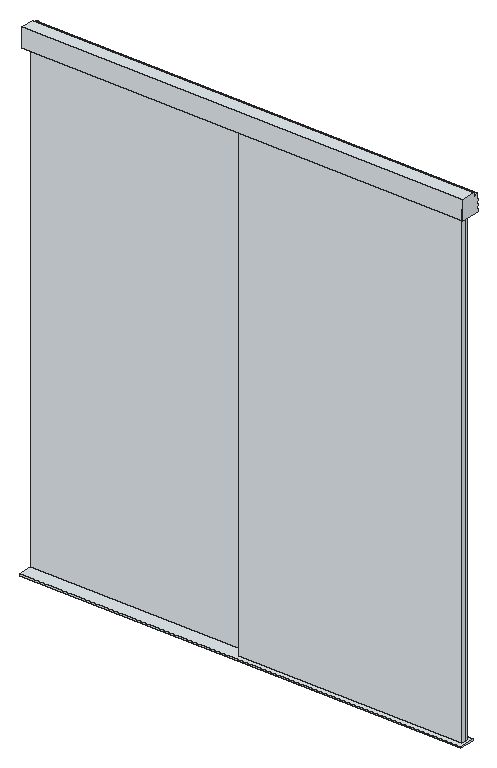
Revit family "Door_Sliding_Dunbarton_2-Panel-Marker", category Doors, host Wall, Revit 2026
Family settings
  Host = Wall
  Classification Number = 23.30.10.17.17
  Always vertical = Yes
  Cut with Voids When Loaded = No
  Shared = No
  Room Calculation Point = No
Parameters (values of type "72 W x 80 H")
  panelwidth [instance] = if(1 = 1, Unit Width / 2 + 0' 0 5/8", 0' 0")  # 3' - 0 3/8"
  panel2b [instance] = 1 = 1  # yes
  panel2a [instance] = 1 = 0  # no
  panel1b [instance] = 1 = 0  # no
  panel1a [instance] = 1 = 1  # yes
  Water Penetration = "as Specified"
  Warranty Duration (Years) = 0
  Unit Width = 5' - 11 1/2"
  Unit Height [instance] = Opening Height - (0' 1 1/8" + 0' 0 3/4")  # 6' - 6 1/8"
  URL = "https://dunbarton.com/"
  Track C = yes
  Track B = no
  Track A = no
  Thickness = 0' - 0"  # constant formula
  Structural Test Pressure = "as Specified"
  Specification = "http://www.arcat.com/sd/clients95/redifram.html?coid=32085"
  Send Message = ""
  Sales Information = "https://dunbarton.com/distributors"
  RO Spacing Sides = 0' - 0"  # constant formula
  Rough Width = 0' - 0"  # constant formula
  Rough Height = 0' - 0"  # constant formula
  RO Spacing Top = 0' - 0"  # constant formula
  R-Value = 0
  Product Properties = "https://dunbarton.com/sample-page"
  Product Data = "http://www.arcat.com/arcatcos/cos9532/arc32085.html"
  Opening Width [instance] = 6' - 0"
  Opening Height = 6' - 8"
  Offset from Wall CL Notes [instance] = "Use Positive or Negative values to determine location."  # constant formula
  Offset from Wall CL [instance] = 0' - 0"
  Model = "Model Marker"
  Mirror Material [instance] = Porcelain - White
  Manufacturer Website = "https://dunbarton.com/"
  Manufacturer Phone - Toll Free = "800-633-7553"
  Manufacturer Phone = "334-794-0661"
  Manufacturer Fax = "334-793-7022"
  Manufacturer Address = "1101 Technology Dr.; Dothan;  AL 36303"
  Manufacturer = "Dunbarton Corporation"
  Maintenance Schedule (Months) = 0
  Keynote = "08 11 10"
  Installation-Fabrication = "https://dunbarton.com/resources/installation-videos"
  Installation Phase = ""
  Impact Resistance = "as Specified"
  Height [instance] = Unit Height  # 6' - 6 1/8"
  Green Building-LEED = "http://www.arcat.com/green/clients95/leed_data_32085.html"
  Function = Interior
  Frame Thickness = 0' - 0 5/8"
  Frame Finish [instance] = Metal - Steel - Dunbarton - Bright White Enamel
  Fold Width [instance] = 3' - 1 1/4"
  Fire Rating = "as Specified"
  Expected Lifespan (Years) = 0
  Drawn By = "Sumex Design, Inc. / Robert S. Weygant, CSI, CDT, SCIP"
  Door Thickness = 0' - 1 1/4"
  Door Panel Type = "as Specified"
  Door Finish [instance] = Metal - Steel - Dunbarton - Bright White Enamel
  Description = "Dunbarton Sliding Marker Door - Model Marker as Specified"
  Wall Closure = By host
  Width = Unit Width  # 5' - 11 1/2"
  Copyright = "©Arcat Inc."
  Construction Details = ""
  Assembly Code = "C1020100"
  Air Infiltration = "as Specified"
Types (3): name | panelwidth | Unit Width | Opening Width | Width
  72 W x 80 H | 3' - 0 3/8" | 5' - 11 1/2" | 6' - 0" | 5' - 11 1/2"
  60 W x 80 H | 2' - 6 3/8" | 4' - 11 1/2" | 5' - 0" | 4' - 11 1/2"
  48 W x 80 H | 2' - 0 3/8" | 3' - 11 1/2" | 4' - 0" | 3' - 11 1/2"
Reference planes (in)
  plane 1 "Center (Front/Back)": y = 1.6426
  plane 2: z = 0
  plane 3 "Center (Left/Right)": x = 2
  plane 4 "Left": x = -34
  plane 5 "Right": x = 38
  plane 6 "Bottom": z = 0
  plane 7 "Top": z = 80
  plane 8 "Center - Elevation": z = 40
  plane 9: y = -1.3574
  plane 10: y = 4.6426
  plane 11: x = -33.75
  plane 12: x = 37.75
Forms (in)
  Extrusion 1, void
    sketch origin (0, 1.6426, 0) x (1, 0, 0) y (0, 0, 1)
      loop
        line (5, 0) -> (5, 2) -> (-1, 2) -> (-1, 0) -> (5, 0)
    from 0 <- "Offset from Wall CL" to 12.01562
Lines and regions (in)
  Opening 1
    outline origin (-60, -1.3574, 0) x (1, 0, 0) y (0, 0, 1)
      loop
        line (26, 80) -> (26, 0) -> (98, 0) -> (98, 80) -> (26, 80)
Text (in)
  text "EXTERIOR" at (-58.6888, 13.80127, 0), in view "Plan View"
  text "INTERIOR" at (-58.6888, -8.43329, 0), in view "Plan View"
  text "Exterior" at (0, 43.65631, 123.19604), in view "Left"
  text "Exterior" at (0, 18.29385, 125.04747), in view "Right"
Dimensions and locks (in)
  equal spacing: plane 4 "Left", plane 3 "Center (Left/Right)", plane 5 "Right"
  equal spacing: plane 7 "Top", plane 8 "Center - Elevation", plane 6 "Bottom"
  "Opening Width": plane 4 "Left" to plane 5 "Right"
  "Opening Height": plane 7 "Top" to level
  equal spacing: plane 11, plane 3 "Center (Left/Right)", plane 12
  "Unit Width": plane 11 to plane 12
  locked: Extrusion 1 to nested 1 at 1.4375
  locked: Extrusion 1 to nested 2 at 2.9375
  aligned and locked: plane 7 "Top" to Opening 1 sketch curve
  aligned and locked: plane 5 "Right" to Opening 1 sketch curve
  aligned and locked: plane 4 "Left" to Opening 1 sketch curve
  aligned and locked: level to plane 2
  aligned and locked: Opening 1 sketch curve to plane 2
  aligned and locked: plane 6 "Bottom" to plane 2
  aligned and locked: plane 1 "Center (Front/Back)" to host wall
  aligned and locked: plane 9 to host wall
  aligned and locked: plane 10 to host wall
  aligned and locked: plane 11 to nested 1
  aligned: nested 3 to Extrusion 1
  aligned: plane 3 "Center (Left/Right)" to nested 3
  aligned and locked: nested 3 to Extrusion 1
  aligned and locked: plane 12 to nested 2
Automatic sketch dimensions
  plane 3 "Center (Left/Right)" to Extrusion 1 sketch curve = 0' - 3"
  Extrusion 1 sketch curve to level = 0' - 0"
  Extrusion 1 sketch curve to plane 3 "Center (Left/Right)" = 0' - 3"
  level to Extrusion 1 sketch curve = 0' - 2"
Nested families (in)
  nested 1: "Door_Panel_Dunbarton_Marker" at (-33.75, 1.2051, 0), Door Finish <- "Door Finish", Unit Width <- "panelwidth", Unit Height <- "Opening Height", Mirror Material <- "Mirror Material", type "Door_Panel_Dunbarton_Marker"
    with Unit Width 3' - 0 3/8", Unit Height 6' - 8", Top Gap 0' - 1 1/4", Slide B no, Slide A yes, Rotate 0.00°, Mirror Material Porcelain - White, Hinge B no, Hinge A no, Frameless no, Framed yes, Door Finish Metal - Steel - Dunbarton - Bright White Enamel, Bottom Gap 0' - 0 1/2"
  nested 2: "Door_Panel_Dunbarton_Marker" at (37.75, -0.2949, 0) x (-1, 0, 0) z (0, 0, 1), Door Finish <- "Door Finish", Unit Width <- "panelwidth", Unit Height <- "Opening Height", Mirror Material <- "Mirror Material", type "Door_Panel_Dunbarton_Marker"
    with Unit Width 3' - 0 3/8", Unit Height 6' - 8", Top Gap 0' - 1 1/4", Slide B no, Slide A yes, Rotate 0.00°, Mirror Material Porcelain - White, Hinge B no, Hinge A no, Frameless no, Framed yes, Door Finish Metal - Steel - Dunbarton - Bright White Enamel, Bottom Gap 0' - 0 1/2"
  nested 3: "Track" at (2, 1.6426, 0) x (-1, 0, 0) z (0, 0, 1), finish <- "Frame Finish", Width <- "Opening Width", Height <- "Opening Height", Track A <- "Track A", Track B <- "Track B", Track C <- "Track C", type "Track"
    with finish Metal - Steel - Dunbarton - Bright White Enamel, Width 6' - 0", Track C yes, Track B no, Track A no, Height 6' - 8"
Definition of nested family "Door_Panel_Dunbarton_Marker"
  Parameters
    Warranty Duration (Years) = 0
    Unit Width [instance] = 1' - 6"
    Unit Height [instance] = 6' - 8"
    Unit Depth = 0' - 1"
    URL = ""
    Top Gap [instance] = 0' - 0 1/4"
    Specification = ""
    SpecWizard = ""
    Slide B [instance] = yes
    Slide A [instance] = yes
    Send Message = ""
    Sales Information = ""
    Rotate [instance] = 0.00°
    Revision = "R1_2016-05"
    Product Properties = "http://dunbarton.com/sample-page/slimfold"
    Product Data = ""
    Model = "As Specified"
    Mirror Material [instance] = none
    Manufacturer Website = ""
    Manufacturer Phone - Toll Free = ""
    Manufacturer Phone = ""
    Manufacturer Fax = ""
    Manufacturer Address = ""
    Manufacturer = "Dunbarton"
    Maintenance Schedule (Months) = 0
    Keynote = ""
    Installation-Fabrication = ""
    Installation Phase = ""
    Hinge B [instance] = yes
    Hinge A [instance] = yes
    Green Building-LEED = ""
    Frameless [instance] = yes
    Framed [instance] = yes
    Expected Lifespan (Years) = 0
    Drawn By = "Sumex Design, Inc. / Robert S. Weygant, CSI, CDT, SCIP"
    Door Finish [instance] = none
    Description = "Dunbarton Mirror Panel"
    Default Elevation = 0' - 0"  # constant formula
    Copyright = "©Arcat Inc."
    Construction Details = ""
    Bottom Gap [instance] = 0' - 0 1/2"
    Assembly Code = ""
  Reference planes (in)
    plane 1 "Center (Front/Back)": y = 0
    plane 2 "Bottom": z = 0
    plane 3 "Center (Left/Right)": x = 0
    plane 4 "Top": z = 80
    plane 5: z = 0.5
    plane 6: z = 79.75
    plane 7: z = 40.125
    plane 8: x = 9
  Forms (in)
    Extrusion 1, solid, material <- "Door Finish"
      sketch origin (0, 0, 0) x (1, 0, 0) y (0, 0, 1)
        loop
          line (0, 79.75) -> (0, 0.5) -> (18, 0.5) -> (18, 79.75) -> (0, 79.75)
      from 0.25 to 1
    Extrusion 2, solid, material <- "Door Finish", visible <- "Framed"
      sketch origin (0, 0, 0) x (1, 0, 0) y (0, 0, 1)
        loop
          line (0, 79.75) -> (0, 0.5) -> (18, 0.5) -> (18, 79.75) -> (0, 79.75)
        loop
          line (0.25, 0.75) -> (17.75, 0.75) -> (17.75, 79.5) -> (0.25, 79.5) -> (0.25, 0.75)
      from 0.25 to 0
    Extrusion 3, solid, material <- "Mirror Material", visible <- "Framed"
      sketch origin (0, 0, 0) x (1, 0, 0) y (0, 0, 1)
        loop
          line (0.25, 0.75) -> (17.75, 0.75) -> (17.75, 79.5) -> (0.25, 79.5) -> (0.25, 0.75)
      from 0.25 to 0.125
    Extrusion 4, solid, material <- "Door Finish", visible <- "Frameless"
      sketch origin (0, 0, 0) x (1, 0, 0) y (0, 0, 1)
        loop
          line (0, 79.75) -> (0, 0.5) -> (18, 0.5) -> (18, 79.75) -> (0, 79.75)
      from 0.25 to 0
  Lines and regions (in)
    Masking region 1, visible <- "Slide A"
      outline origin (0, -1, 0) x (1, 0, 0) y (0, 0, 1)
        loop
          line (11.5, 40.125) -> (9.55546, 42.06954) -> (9.55546, 41.06954) -> (6.5, 41.06954) -> (6.5, 39.18046) -> (9.55546, 39.18046) -> (9.55546, 38.18046) -> (11.5, 40.125)
    Masking region 2, visible <- "Slide B"
      outline origin (0, -1, 0) x (1, 0, 0) y (0, 0, 1)
        loop
          line (8.44454, 41.06954) -> (8.44454, 42.06954) -> (6.5, 40.125) -> (8.44454, 38.18046) -> (8.44454, 39.18046) -> (11.5, 39.18046) -> (11.5, 41.06954) -> (8.44454, 41.06954)
    reference lines
      curve 1: line (0, 0, 0) -> (18, 0, 0)
    model lines, visible <- "Hinge A"
      curve 2: line (18, -1, 79.75) -> (0, -1, 40.125)
      curve 3: line (0, -1, 40.125) -> (18, -1, 0.5)
      curve 4: line (18, 0, 79.75) -> (0, 0, 40.125)
      curve 5: line (0, 0, 40.125) -> (18, 0, 0.5)
    model lines, visible <- "Hinge B"
      curve 6: line (0, -1, 79.75) -> (18, -1, 40.125)
      curve 7: line (18, -1, 40.125) -> (0, -1, 0.5)
      curve 8: line (0, 0, 79.75) -> (18, 0, 40.125)
      curve 9: line (18, 0, 40.125) -> (0, 0, 0.5)
  Dimensions and locks (in)
    "Unit Height": plane 4 "Top" to level
    "Top Gap": plane 4 "Top" to plane 6
    "Unit Width": curve 1 to curve 1
    equal spacing: plane 6, plane 7, plane 5
    locked: plane 6 to Extrusion 2 sketch curve at 0.25
    locked: plane 6 to Extrusion 3 sketch curve at 0.25
    equal spacing: curve 1, plane 8, plane 3 "Center (Left/Right)"
    Masking region 1 sketch curve to plane 8 to Masking region 1 sketch curve to Masking region 1 sketch curve to Masking region 1 sketch curve = 0' - 2 1/2" locked, 0' - 0.55546" locked, 0' - 0" locked, 0' - 1.94454" locked
    Masking region 1 sketch curve to Masking region 1 sketch curve to plane 7 to Masking region 1 sketch curve to Masking region 1 sketch curve = 0' - 1" locked, 0' - 0.94454" locked, 0' - 0.94454" locked, 0' - 1" locked
    Masking region 2 sketch curve to plane 8 to Masking region 2 sketch curve to Masking region 2 sketch curve to Masking region 2 sketch curve = 0' - 2 1/2" locked, 0' - 0.55546" locked, 0' - 0" locked, 0' - 1.94454" locked
    Masking region 2 sketch curve to Masking region 2 sketch curve to plane 7 to Masking region 2 sketch curve to Masking region 2 sketch curve = 0' - 1" locked, 0' - 0.94454" locked, 0' - 0.94454" locked, 0' - 1" locked
    "Bottom Gap": plane 5 to level
    locked: Extrusion 2 sketch curve to plane 5 at 0.25
    locked: Extrusion 3 sketch curve to plane 5 at 0.25
    "Rotate": angle plane 1 "Center (Front/Back)" to curve 1
    aligned and locked: plane 1 "Center (Front/Back)" to curve 1
    aligned and locked: plane 3 "Center (Left/Right)" to curve 1
    aligned and locked: Extrusion 1 sketch curve to curve 1
    aligned and locked: curve 1 to Extrusion 1 sketch curve
    aligned and locked: Extrusion 1 sketch curve to plane 6
    aligned and locked: plane 5 to Extrusion 1 sketch curve
    aligned and locked: plane 7 to curve 3
    aligned and locked: plane 7 to curve 5
    aligned and locked: plane 7 to curve 7
    aligned and locked: plane 7 to curve 8
    aligned and locked: Extrusion 2 sketch curve to plane 6
    aligned and locked: Extrusion 4 sketch curve to plane 6
    aligned and locked: plane 3 "Center (Left/Right)" to Extrusion 4 sketch curve
    aligned and locked: Extrusion 4 sketch curve to curve 1
    aligned and locked: plane 5 to Extrusion 4 sketch curve
    aligned and locked: plane 5 to Extrusion 2 sketch curve
  Automatic sketch dimensions
    Extrusion 1 to curve 2 = 0' - 0"
    curve 6 to Extrusion 1 = 0' - 0"  (x3)
    Extrusion 1 to curve 7 = 0' - 0"
    curve 3 to Extrusion 1 = 0' - 0"  (x2)
    curve 2 to Extrusion 1 = 0' - 0"  (x2)
    curve 7 to Extrusion 1 = 0' - 0"
    curve 4 to Extrusion 2 = 0' - 0"  (x3)
    curve 8 to Extrusion 2 = 0' - 0"  (x2)
    curve 9 to Extrusion 2 = 0' - 0"  (x2)
    Extrusion 2 to curve 8 = 0' - 0"
    Extrusion 2 to curve 5 = 0' - 0"
    curve 5 to Extrusion 2 = 0' - 0"
    Masking region 1 sketch curve to Masking region 1 sketch curve = 0' - 0.94454"
    Masking region 2 sketch curve to Masking region 2 sketch curve = 0' - 0.94454"
    Extrusion 2 sketch curve to curve 1 = 0' - 0"  (x2)
    curve 1 to Extrusion 2 sketch curve = 0' - 0 1/4"
    Extrusion 2 sketch curve to curve 1 = 0' - 0 1/4"
    curve 1 to Extrusion 3 sketch curve = 0' - 0 1/4"
    Extrusion 3 sketch curve to curve 1 = 0' - 0 1/4"
Definition of nested family "Track"
  Parameters
    finish [instance] = none
    Width [instance] = 4' - 4"
    Track C [instance] = yes
    Track B [instance] = yes
    Track A [instance] = yes
    Height [instance] = 6' - 9.49654"
    Default Elevation = 0' - 0"  # constant formula
    Assembly Code = ""
  Reference planes (in)
    plane 1 "Center (Front/Back)": y = 0
    plane 2: z = 0
    plane 3 "Center (Left/Right)": x = 0
    plane 4: x = -26
    plane 5: x = 26
    plane 6: z = 81.49654
  Forms (in)
    Extrusion 1, solid, material <- "finish", visible <- "Track A"
      sketch origin (0, 0, 0) x (0, 1, 0) y (0, 0, 1)
        loop
          line (0.0625, 81.49654) -> (0.0625, 80.09602) -> (0, 79.86639) -> (0, 79.49654) -> (3.0625, 79.49654) -> (3.0625, 81.49654) -> (0.0625, 81.49654)
      from -26 to 26
    Extrusion 2, solid, material <- "finish"
      sketch origin (0, 0, 0) x (0, 1, 0) y (0, 0, 1)
        loop
          line (0.875, 0) -> (3.375, 0) -> (3.375, 0.25) -> (0.875, 0.25) -> (0.875, 0)
      from -26 to 26
    Extrusion 3, solid, material <- "finish", visible <- "Track B"
      sketch origin (0, 0, 0) x (0, 1, 0) y (0, 0, 1)
        loop
          line (0, 79.92109) -> (0, 79.74654) -> (3.0625, 79.74654) -> (3.0625, 81.49654) -> (0.0625, 81.49654) -> (0.0625, 81.12994)
          arc (0.0625, 81.12994) -> (0.01817, 81.08561) -> (0.0625, 81.04129) r 0.04433
          line (0.0625, 81.04129) -> (0.0625, 80.62868)
          arc (0.0625, 80.62868) -> (0.01817, 80.58435) -> (0.0625, 80.54003) r 0.04433
          line (0.0625, 80.54003) -> (0.0625, 80.02935) -> (0, 79.92109)
      from -26 to 26
    Extrusion 4, solid, material <- "finish", visible <- "Track C"
      sketch origin (0, 0, 0) x (0, 1, 0) y (0, 0, 1)
        loop
          line (0, 78.91462) -> (0, 78.49654) -> (3, 78.49654) -> (3, 81.49654) -> (0.68149, 81.49654) -> (0.68149, 80.70093) -> (0.19496, 81.24127)
          arc (0.19496, 81.24127) -> (0.12666, 81.25767) -> (0.08688, 81.19978) r 0.062
          line (0.08688, 81.19978) -> (0.08688, 80.47256) -> (0.05261, 80.43829) -> (0.05261, 80.12592) -> (0.08688, 80.09165) -> (0.08688, 79.67837) -> (0.05261, 79.6441) -> (0.05261, 79.33032) -> (0.08688, 79.29605) -> (0.08688, 79.01815) -> (0, 78.91462)
      from -26 to 26
  Dimensions and locks (in)
    equal spacing: plane 4, plane 3 "Center (Left/Right)", plane 5
    "Width": plane 4 to plane 5
    "Height": plane 6 to plane 2
    aligned and locked: plane 2 to level
    aligned and locked: plane 5 to Extrusion 1
    aligned and locked: Extrusion 1 to plane 4
    aligned and locked: plane 5 to Extrusion 2
    aligned and locked: Extrusion 2 to plane 4
    aligned and locked: plane 5 to Extrusion 3
    aligned and locked: Extrusion 3 to plane 4
    aligned and locked: plane 5 to Extrusion 4
    aligned and locked: Extrusion 4 to plane 4
  Automatic sketch dimensions
    Extrusion 1 sketch curve to plane 1 "Center (Front/Back)" = 0' - 0"
    Extrusion 1 sketch curve to plane 6 = 0' - 0"
    Extrusion 1 sketch curve to plane 1 "Center (Front/Back)" = 0' - 0 1/16"
    Extrusion 1 sketch curve to Extrusion 1 sketch curve = 0' - 3"
    Extrusion 1 sketch curve to Extrusion 1 sketch curve = 0' - 1.40051"
    Extrusion 1 sketch curve to Extrusion 1 sketch curve = 0' - 0.22963"
    Extrusion 1 sketch curve to Extrusion 1 sketch curve = 0' - 0.36985"
    Extrusion 2 sketch curve to level = 0' - 0"
    Extrusion 2 sketch curve to plane 1 "Center (Front/Back)" = 0' - 0 7/8"
    level to Extrusion 2 sketch curve = 0' - 0 1/4"
    Extrusion 2 sketch curve to Extrusion 2 sketch curve = 0' - 2 1/2"
    Extrusion 3 sketch curve to plane 1 "Center (Front/Back)" = 0' - 0"
    Extrusion 3 sketch curve to plane 6 = 0' - 0"
    Extrusion 3 sketch curve to plane 1 "Center (Front/Back)" = 0' - 0 1/16"
    Extrusion 3 sketch curve to Extrusion 3 sketch curve = 0' - 3"
    Extrusion 3 sketch curve to plane 6 = 0' - 0.3666"
    Extrusion 3 sketch curve to Extrusion 3 sketch curve = 0' - 0.04433"  (x2)
    Extrusion 3 sketch curve to Extrusion 3 sketch curve = 0' - 0.41261"
    Extrusion 3 sketch curve to Extrusion 3 sketch curve = 0' - 0.51068"
    Extrusion 3 sketch curve to Extrusion 3 sketch curve = 0' - 0.10825"
    Extrusion 3 sketch curve to plane 6 = 0' - 1 3/4"
    Extrusion 4 sketch curve to plane 1 "Center (Front/Back)" = 0' - 0"
    Extrusion 4 sketch curve to plane 6 = 0' - 0"
    Extrusion 4 sketch curve to plane 1 "Center (Front/Back)" = 0' - 0.05261"  (x2)
    Extrusion 4 sketch curve to plane 1 "Center (Front/Back)" = 0' - 0.08688"  (x2)
    Extrusion 4 sketch curve to Extrusion 4 sketch curve = 0' - 0.03427"  (x5)
    Extrusion 4 sketch curve to Extrusion 4 sketch curve = 0' - 0.062"
    Extrusion 4 sketch curve to Extrusion 4 sketch curve = 0' - 0.04608"
    Extrusion 4 sketch curve to Extrusion 4 sketch curve = 0' - 0.59461"
    Extrusion 4 sketch curve to Extrusion 4 sketch curve = 0' - 2.91312"
    Extrusion 4 sketch curve to plane 6 = 0' - 0.25527"
    Extrusion 4 sketch curve to Extrusion 4 sketch curve = 0' - 0.54034"
    Extrusion 4 sketch curve to Extrusion 4 sketch curve = 0' - 0.22836"
    Extrusion 4 sketch curve to Extrusion 4 sketch curve = 0' - 0.31237"
    Extrusion 4 sketch curve to Extrusion 4 sketch curve = 0' - 0.41329"
    Extrusion 4 sketch curve to Extrusion 4 sketch curve = 0' - 0.31378"
    Extrusion 4 sketch curve to Extrusion 4 sketch curve = 0' - 0.27789"
    Extrusion 4 sketch curve to Extrusion 4 sketch curve = 0' - 0.10354"
    Extrusion 4 sketch curve to Extrusion 4 sketch curve = 0' - 0.52162"
